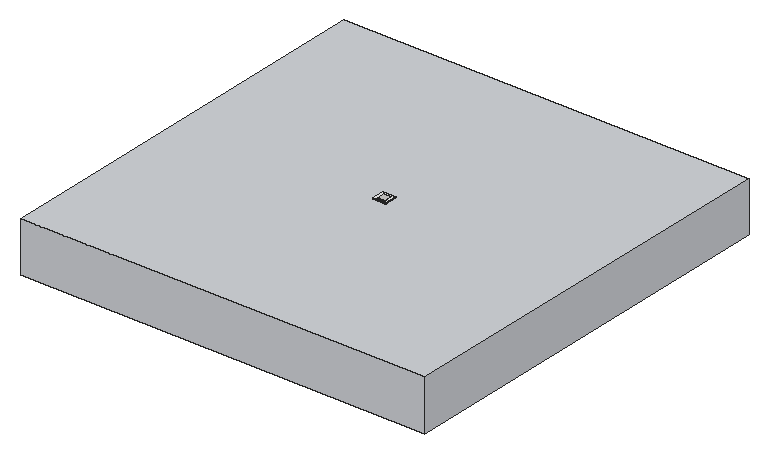
Revit family "APUS LED", category Oprawy oświetleniowe, Revit 2014
Parameters (values of type "APUS LED WW")
  built-in parameter 1150105 = 153.49 (stored number, unit not read)
  Dimming Lamp Color Temperature Shift = (empty or 0)
  built-in parameter 1150139 = (empty or 0)
  Współczynnik mocy = 1
  Waga = 0.084 kg  # constant formula
  built-in parameter 1150133 = 10 (stored number, unit not read)
  built-in parameter 1150109 = 1 (stored number, unit not read)
  built-in parameter 1114218 = 1 (stored number, unit not read)
  built-in parameter 1150110 = 1 (stored number, unit not read)
  built-in parameter 1150112 = 1 (stored number, unit not read)
  built-in parameter 1150113 = 1 (stored number, unit not read)
  URL = "www.kanlux.pl"
  Lumens = 13 lm
  built-in parameter 1150104 = 1.5097 (stored number, unit not read)
  Producent = "Kanlux"  # constant formula
  built-in parameter 1150107 = 3000 (stored number, unit not read)
  Plik sieci fotometrycznej = "APUS LED.ies"
  Tilt Angle = 180.00°  # constant formula
  built-in parameter 1150115 = 1 (stored number, unit not read)
  Apparent Load = Moc / Współczynnik mocy  # 0.8 VA
  built-in parameter 1150106 = 1.5349 (stored number, unit not read)
  Model = "APUS LED"  # constant formula
  Moc w watach - komentarze = "0.8"
  Wattage = 0.8 W
  Moc = 0.8 W
  built-in parameter 1150137 = (empty or 0)
  built-in parameter 1150132 = 2
  Materiał obudowa 2 = Kanlux - stal nierdzewna szczotkowana
  Materiał obudowa = Kanlux - tworzywo sztuczne
  Lampa = "LED"
  built-in parameter 1150134 = (empty or 0)
  built-in parameter 1150138 = (empty or 0)
  Kod = "23106"
  Klasyfikacja obciążenia = Oświetlenie
  built-in parameter 1150102 = (empty or 0)
  IP = "IP20"  # constant formula
  Color Filter = 16777215
  Default Elevation = 0 mm
  built-in parameter 1150114 = 1 (stored number, unit not read)
  built-in parameter 1114217 = 1 (stored number, unit not read)
  built-in parameter 1150142 = "IESNA91\r\n[TEST] 2015.08.27/Kanlux APUS\r\n[MANUFAC]  KANLUX S.A.\r\n[LUMCAT] (kat 23106)\r\n[LUMINAIRE] APUS LED\r\n[LAMP] 1x(APUS LED WW 1W 13lm ciepłobiała/3000K) or 1x(APUS LED CW 1W 15lm zimnobiała/6500K)\r\nTILT=NONE\r\n1 13 0.013 181 7 1 2 0.075 0.075 0.006\r\n1 1 1\r\n0 1 2 3 4 5 6 7 8 9 10 11 12 13 14 15 16 17 18 19 20 21 22 \r\n23 24 25 26 27 28 29 30 31 32 33 34 35 36 37 38 39 40 41 42 \r\n43 44 45 46 47 48 49 50 51 52 53 54 55 56 57 58 59 60 61 62 \r\n63 64 65 66 67 68 69 70 71 72 73 74 75 76 77 78 79 80 81 82 \r\n83 84 85 86 87 88 89 90 91 92 93 94 95 96 97 98 99 100 101 \r\n102 103 104 105 106 107 108 109 110 111 112 113 114 115 116 \r\n117 118 119 120 121 122 123 124 125 126 127 128 129 130 131 \r\n132 133 134 135 136 137 138 139 140 141 142 143 144 145 146 \r\n147 148 149 150 151 152 153 154 155 156 157 158 159 160 161 \r\n162 163 164 165 166 167 168 169 170 171 172 173 174 175 176 \r\n177 178 179 180 \r\n0 15 30 45 60 75 90 \r\n92.3 92.8 92.8 93.8 93.8 95.4 95.4 97 98.5 99 99.6 100.6 \r\n101.6 102.7 104.2 105.3 106.3 107.8 108.4 110.4 111.5 113 \r\n115.1 115.6 117.7 119.3 120.3 122.4 123.4 125 127 128.6 \r\n130.1 131.7 132.7 134.3 135.3 136.4 138.4 139.5 140.5 141 \r\n142.6 143.1 143.6 144.7 144.1 144.7 145.2 145.2 145.2 145.2 \r\n144.7 144.1 144.1 142.6 142.1 140.5 139.5 137.9 136.4 134.8 \r\n133.3 131.7 129.1 127 124.4 121.3 119.3 116.7 114.1 111.5 \r\n108.4 105.3 101.6 98.5 94.4 90.2 87.1 82.4 77.8 72.6 67.4 \r\n62.2 57 52.4 47.7 42.5 38.9 35.3 32.7 29.6 27 24.9 24.9 \r\n24.9 24.4 24.4 24.4 24.4 24.9 23.8 23.8 23.8 22.8 23.3 23.3 \r\n22.3 22.3 21.3 20.2 20.2 19.2 18.1 17.1 16.1 14 13 11.4 \r\n10.4 9.3 7.8 6.7 6.7 5.2 4.2 3.6 3.1 2.1 1.6 1 0 0 0 0 0 0 \r\n0 0 0 0 0 0 0 0 0 0 0 0 0 0 0 0 0 0 0 0 0 0 0 0 0 0 0 0 0 0 \r\n0 0 0 0 0 0 0 0 0 0 0 0 0 0 \r\n92.8 92.8 93.3 93.8 94.6 95.9 96.7 97.5 98.8 99.8 100.8 \r\n102.4 103.4 104.5 106 107.1 108.9 110.2 111.7 113.3 114.6 \r\n116.1 117.4 119.3 121.1 122.9 124.2 126 127.5 129.4 131.2 \r\n133.3 134.3 136.4 137.9 139.5 140.8 143.1 144.7 145.4 147 \r\n148 149.6 150.4 151.7 152.4 152.7 154 154.3 154.5 154.8 \r\n154.8 154.8 154.5 154.2 153.2 152.9 152.2 151.4 150.1 149.1 \r\n148.3 147.2 145.7 143.6 142.1 140 137.9 136.4 134.3 132.5 \r\n129.9 128.1 125.5 123.4 120.3 118.2 115.1 112 108.6 105 \r\n101.9 98 94.4 90.5 86.3 82.4 78.8 74.9 72.1 69.5 67.7 67.7 \r\n66.9 65.8 65.3 64.6 63.3 61.4 59.9 57.6 55 52.4 49.5 47.2 \r\n44.3 42.3 40.2 38.4 36.6 34.2 33.2 31.1 29 27.7 25.7 24.6 \r\n22.8 20.2 18.9 17.6 16.1 14.3 12.2 10.9 9.6 7.8 6.7 5.7 4.4 \r\n3.6 2.6 2.1 1.3 0.8 0.3 0 0 0 0 0 0 0 0 0 0 0 0 0 0 0 0 0 0 \r\n0 0 0 0 0 0 0 0 0 0 0 0 0 0 0 0 0 0 0 0 0 0 0 0 0 0 0 \r\n92.8 92.6 93.1 94.1 95.1 96.4 97 97.5 99.3 100.3 101.1 \r\n102.7 104.2 105.3 107.1 108.4 109.9 111.7 113.3 114.6 116.1 \r\n118.2 119.5 121.6 123.4 124.7 126.5 128.3 130.4 132.2 134 \r\n136.1 137.9 140.2 142.1 144.1 145.7 147.5 149.1 150.1 153 \r\n154 155.3 156.8 158.1 159.2 160.2 161 161.8 162.8 163.3 \r\n163.3 163.8 164.1 164.1 163.6 163.8 163.3 163.1 161.8 161.8 \r\n161.5 160.2 158.9 158.1 157.1 156.1 155.5 153.7 152.9 151.4 \r\n150.1 148.5 147.8 146.2 144.9 143.9 141.5 139.7 137.4 135.3 \r\n133.3 130.4 127.5 124.2 121.1 117.4 114.3 110.7 107.8 105 \r\n102.9 101.9 100.1 99 96.7 94.1 91.8 88.4 85 80.9 77.3 73.1 \r\n69.5 66.1 62.2 58.3 55.5 52.1 50 46.9 44.3 41.7 39.1 37.1 \r\n35 32.4 30.3 28 25.9 24.1 22 19.7 17.9 16.3 14.3 12.7 10.6 \r\n9.3 8 6.5 4.9 3.9 3.1 1.8 1.3 0.8 0.3 0 0 0 0 0 0 0 0 0 0 0 \r\n0 0 0 0 0 0 0 0 0 0 0 0 0 0 0 0 0 0 0 0 0 0 0 0 0 0 0 0 0 0 \r\n0 0 \r\n92.8 93.1 93.3 94.1 94.9 95.9 97.2 98.3 99 100.6 101.6 \r\n103.2 104.5 105.5 107.3 108.6 109.9 111.7 113.3 114.8 116.4 \r\n118.2 120 121.6 123.9 125 127 129.6 130.9 132.7 134.8 136.9 \r\n138.4 141 142.6 144.7 147 148.5 150.4 151.9 154 155.3 156.6 \r\n158.4 158.9 160.5 161.8 162.3 163.6 164.1 165.4 165.4 165.7 \r\n165.7 166.2 165.7 165.4 165.7 165.7 165.1 164.1 163.6 163.1 \r\n161.8 161 160.5 158.9 157.9 157.1 155.5 155.3 153.5 152.7 \r\n151.4 150.1 149.1 148 146 144.9 143.1 140.8 139.2 136.4 \r\n133.8 131.2 127.8 123.7 120 116.7 113.3 110.4 107.8 105.8 \r\n104.7 102.4 100.1 97.7 94.9 91.5 87.6 84.3 80.6 76.5 73.1 \r\n69.2 65.6 62.7 59.4 56.3 52.6 49.8 46.9 44.3 42 39.7 37.1 \r\n34.2 32.4 29.6 27.7 25.7 23.3 21.5 19.4 17.4 15.6 13.7 11.4 \r\n10.1 8.6 7 5.7 4.4 2.6 2.1 1.6 0.8 0.5 0 0 0 0 0 0 0 0 0 0 \r\n0 0 0 0 0 0 0 0 0 0 0 0 0 0 0 0 0 0 0 0 0 0 0 0 0 0 0 0 0 0 \r\n0 0 0 \r\n92.3 92.3 93.6 93.3 94.4 95.7 95.9 97 98.3 99.8 100.3 102.1 \r\n103.2 104.2 105.5 107.1 108.9 109.7 111.7 112.8 114.3 116.4 \r\n117.7 119.3 121.6 123.1 124.4 126.5 128.1 130.1 131.7 133.5 \r\n135.8 137.9 139.2 140.8 142.8 144.4 145.7 148 149.1 150.6 \r\n151.9 153.5 154.3 155.3 155.5 157.1 157.6 158.1 158.7 158.7 \r\n159.4 158.9 159.2 158.7 158.7 157.6 156.8 156.6 155.8 155 \r\n154 153 152.2 150.9 149.3 148 147 145.4 143.9 142.6 140.2 \r\n139 137.1 135.1 132.7 131.4 128.8 126.8 124.7 122.1 119 \r\n116.1 113 110.2 106.8 104 100.3 97.5 94.4 92.5 91.3 90 87.9 \r\n85.3 82.4 79.6 76.5 73.1 70.3 67.1 64 60.7 58.1 55.2 52.9 \r\n49.8 47.4 44.8 42.5 39.9 37.6 35.5 32.9 31.4 29 26.4 25.4 \r\n23.1 21 18.7 16.8 15.3 13.7 11.9 10.1 8.6 7.5 6.2 4.9 3.6 \r\n2.6 1.6 1 0.5 0 0 0 0 0 0 0 0 0 0 0 0 0 0 0 0 0 0 0 0 0 0 0 \r\n0 0 0 0 0 0 0 0 0 0 0 0 0 0 0 0 0 0 0 0 0 0 \r\n92.8 92.8 93.1 94.1 94.9 95.1 96.2 96.7 98 98.8 100.1 101.1 \r\n101.9 103.4 104.5 105.8 106.8 108.1 109.4 110.7 112 114.1 \r\n115.6 116.9 118 119.8 121.3 123.4 124.2 126 127.5 129.4 \r\n130.7 132.5 134 134.8 137.1 139 140 141.3 142.6 143.9 144.9 \r\n145.7 146.5 147.2 148.3 148.3 148.5 149.1 149.6 149.3 148.8 \r\n149.1 148.5 148 147.8 147 145.4 144.9 143.9 142.8 141.8 140 \r\n138.7 136.9 135.3 133.5 131.2 129.9 127.3 125.5 123.4 121.3 \r\n119.2 116.9 114.8 112.8 109.9 107.6 105.3 102.1 99.8 96.2 \r\n92.8 88.9 85.5 82.2 78.3 75.7 72.1 70.3 68.2 67.7 67.4 65.6 \r\n62.5 59.6 56.3 53.1 50.8 49 46.7 44.6 42.8 40.7 38.9 36.8 \r\n35 32.9 31.4 29.3 28 25.7 23.9 22 20.2 17.9 17.1 15 13 12.4 \r\n10.9 9.3 8.6 7.3 6.5 5.2 4.1 3.4 2.6 1.6 1 0.5 0 0 0 0 0 0 \r\n0 0 0 0 0 0 0 0 0 0 0 0 0 0 0 0 0 0 0 0 0 0 0 0 0 0 0 0 0 0 \r\n0 0 0 0 0 0 0 0 0 0 0 \r\n92.3 92.8 93.3 93.8 94.4 94.9 95.9 97 98 99 99.6 101.1 \r\n101.1 102.1 103.2 104.7 105.8 106.8 108.4 109.4 111 111.5 \r\n113 114.1 115.6 116.7 118.2 119.8 120.8 122.9 123.9 125.5 \r\n126.5 128.1 129.6 130.1 132.2 133.8 134.8 135.8 135.8 137.4 \r\n138.4 139.5 139.5 140 141 141 141.5 141.5 142.1 141.5 141 \r\n140.5 140.5 139.5 139 137.4 136.4 134.8 133.8 132.2 131.2 \r\n129.6 128.1 125.5 125 122.4 119.8 117.7 116.1 113.6 111.5 \r\n108.9 107.3 104.2 102.1 99 97 93.3 90.7 87.6 84 80.4 76.7 \r\n73.6 69.5 66.4 62.2 59.1 56 53.9 52.4 53.4 52.4 51.8 49.8 \r\n45.6 42.5 40.4 37.8 35.8 33.7 32.7 31.6 29.6 28 25.4 24.4 \r\n22.3 20.7 19.7 17.6 16.6 14 13 12.4 11.4 10.4 9.3 8.3 7.8 \r\n6.7 5.7 5.2 4.2 2.6 2.6 1.6 0.5 0 0 0 0 0 0 0 0 0 0 0 0 0 0 \r\n0 0 0 0 0 0 0 0 0 0 0 0 0 0 0 0 0 0 0 0 0 0 0 0 0 0 0 0 0 0 \r\n0 0 0 0 0 0 0 \r\n"
Types (3, lengths in mm): name | built-in parameter 1150105 | Lumens | built-in parameter 1150104 | built-in parameter 1150107 | built-in parameter 1150106 | built-in parameter 1150134 | Kod
  (no name) | 153.49 (stored number, unit not read) | 13 lm | 1.5097 (stored number, unit not read) | 3000 (stored number, unit not read) | 1.5349 (stored number, unit not read) | (empty or 0) | "23106"
  APUS LED WW | 153.49 (stored number, unit not read) | 13 lm | 1.5097 (stored number, unit not read) | 3000 (stored number, unit not read) | 1.5349 (stored number, unit not read) | (empty or 0) | "23106"
  APUS LED CW | 177.1 (stored number, unit not read) | 15 lm | 1.7419 (stored number, unit not read) | 6500 (stored number, unit not read) | 1.771 (stored number, unit not read) | 1 | "23107"
Reference planes
  plane 1 "Środek (Przód/Tył)": y = 0
  plane 2: z = 0
  plane 3 "Środek (Lewa/Prawa)": x = 0
Forms (mm)
  Extrusion 1, solid
    sketch origin (0, 0, 0) x (1, 0, 0) y (0, 1, 0)
      loop
        line (-1219.2, 1219.2) -> (-1219.2, -1219.2) -> (1219.2, -1219.2) -> (1219.2, 1219.2) -> (-1219.2, 1219.2)
    from 0 to -304.8
  Extrusion 2, solid, material "Kanlux - tworzywo sztuczne" <- "Materiał obudowa"
    sketch origin (0, 0, 0) x (1, 0, 0) y (0, 1, 0)
      loop
        line (-37.5, -37.5) -> (37.5, -37.5) -> (37.5, 37.5) -> (-37.5, 37.5) -> (-37.5, -37.5)
    from 1 to 6
  Extrusion 3, solid, material "Kanlux - stal nierdzewna szczotkowana" <- "Materiał obudowa 2"
    sketch origin (0, 0, 0) x (1, 0, 0) y (0, 1, 0)
      loop
        line (-22.5, 22.5) -> (-22.5, -22.5) -> (22.5, -22.5) -> (22.5, 22.5) -> (-22.5, 22.5)
    from 6 to 7
  Extrusion 4, solid, material "Kanlux - stal nierdzewna szczotkowana" <- "Materiał obudowa 2"
    sketch origin (0, 0, 0) x (1, 0, 0) y (0, 1, 0)
      loop
        line (-37.5, -37.5) -> (37.5, -37.5) -> (37.5, 37.5) -> (-37.5, 37.5) -> (-37.5, -37.5)
    from 0 to 1
Dimensions and locks
  aligned and locked: plane 2 to Extrusion 1
  aligned and locked: level to Extrusion 1
Connectors
  electrical at (0, 0, 0), driven by "Klasyfikacja obciążenia", driven by "Apparent Load", driven by "Współczynnik mocy"
    settings: on Extrusion 1, index 1, voltage 24 V, apparent load 0.8 VA, apparent load phase1 0 VA, apparent load phase2 0 VA, apparent load phase3 0 VA, power factor 1, load classification "Oświetlenie", number of poles 1, system type 30, power factor state 1, is connector primary yes, connector utility no, sub classification motor no, connector description ""
